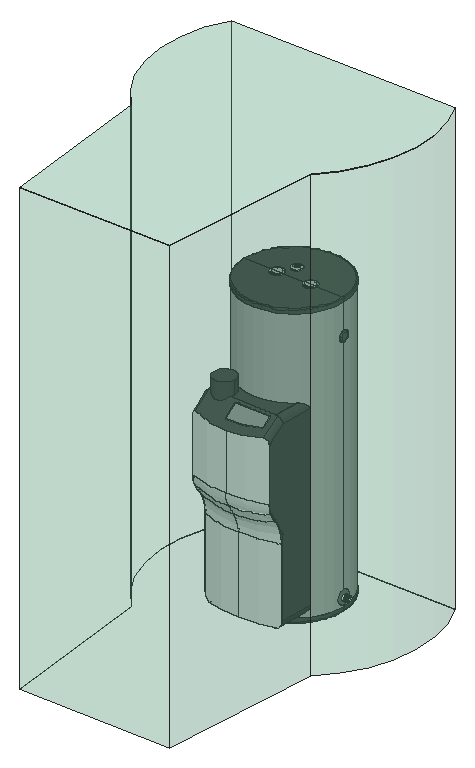
Revit family "Innovo NL_IR 24 245 NL LP", category Mechanical Equipment, Revit 2015
Parameters (values of type "IR-24-245 NL LP")
  Werkruimte Radius = Diameter + 170 mm  # 780 mm
  Werkruimte Hoogte = Hoogte + 1000 mm  # 2745 mm
  Werkruimte Afstand Voor = 1000 mm
  Werkruimte [instance] = yes
  Voorzorgsmaatregelen tijdens montage, installatie of onderhoud = "zie Gebruikers, Installatie, Service en Onderhouds handleiding"  # constant formula
  Voltage = 230 V  # constant formula
  Verpakkingslengte = 946 mm  # constant formula
  Verpakkingshoogte = 1895 mm
  Verpakkingsbreedte = 786 mm  # constant formula
  Uitsluitend werkend in daluren = no
  Type aanduiding = "IR-24-285"
  Transportgewicht = 153 kg
  Totaal Gewicht = 438 kg
  Stilstandsverlies - dagelijks (24u) = 0 W
  Stilstandsverlies = 0 W
  Standaard Afgesteld op = "G30/G31"
  Stand Regelthermostaat = 65 °C  # constant formula
  Soort Verpakking = "Karton en Hout"  # constant formula
  Slimme controlefunctie = no
  Setpoint thermostaat = 65 °C  # constant formula
  Seizoens Rendement (Hs) = [Rendement (Hs, vlgs. NEN-EN 89 - 1999)]  # 97
  Rendement (Hs, vlgs. NEN-EN 89 - 1999) = 97
  Rendement (Hi, vlgs. NEN-EN 89 - 1999) = 108
  Produktspecificaties Link = ""
  Produkthandleiding Link = ""
  Produkt Model Nummer (EAN-nummer) = "8717449283933"
  Onderhoudsinterval = "12 maanden"  # constant formula
  Nominale Belasting (Onderwaarde) = "25000.0/22000.0"
  Nominale Belasting (Bovenwaarde) = "27100.0/23900.0"
  Nominaal Vermogen = "26300.0/23300.0"
  NOx-uitstoot mg/kWh = "80.0/33.0"
  NOx-uitstoot (lucht vrij, 0% O2) ppm = "48.0/20.0"
  Min. Stand Regelthermostaat = 40 °C  # constant formula
  Max. Werkdruk = 800000.0 Pa
  Max. Stand Regelthermostaat = 85 °C  # constant formula
  Max. Rookgastemperatuur = 57 °C
  Ledig Gewicht = 136 kg
  Kraan Hoogte 02 = if(and(Hoogte = 1745 mm, Diameter = 675 mm), 1518 mm, if(and(Hoogte = 1745 mm, Diameter = 610 mm), 1534 mm, if(Hoogte = 1545 mm, 1328 mm, 1070 mm)))  # 1534 mm
  Kraan Hoogte 01 = if(and(Diameter > 560 mm), 693 mm, 604 mm)  # 693 mm
  Uitschakeldruk LDS < = 210.0 Pa
  URL = "www.aosmith.nl"
  Tapcapaciteit bij ΔT = 70°C  na 90 min. = 630.0 L
  Tapcapaciteit bij ΔT = 70°C  na 60 min. = 490.0 L
  Tapcapaciteit bij ΔT = 70°C  na 30 min. = 340.0 L
  Tapcapaciteit bij ΔT = 70°C  na 120 min. = 780.0 L
  Tapcapaciteit bij ΔT = 55°C  na 90 min. = 830.0 L
  Tapcapaciteit bij ΔT = 55°C  na 60 min. = 650.0 L
  Tapcapaciteit bij ΔT = 55°C  na 30 min. = 460.0 L
  Tapcapaciteit bij ΔT = 55°C  na 120 min. = 1100.0 L
  Tapcapaciteit bij ΔT = 50°C  na 90 min. = 920.0 L
  Tapcapaciteit bij ΔT = 50°C  na 60 min. = 720.0 L
  Tapcapaciteit bij ΔT = 50°C  na 30 min. = 510.0 L
  Tapcapaciteit bij ΔT = 50°C na 120 min. = 1200.0 L
  Tapcapaciteit bij ΔT = 44°C na 120 min. = 1100.0 L
  Tapcapaciteit bij ΔT = 44°C  na 90 min. = 820.0 L
  Tapcapaciteit bij ΔT = 44°C  na 60 min. = 590.0 L
  Tapcapaciteit bij ΔT = 44°C  na 30 min. = 1300.0 L
  Tapcapaciteit bij ΔT = 28°C na 90 min. = 1700.0 L
  Tapcapaciteit bij ΔT = 28°C na 60 min. = 1400.0 L
  Tapcapaciteit bij ΔT = 28°C na 30 min. = 960.0 L
  Tapcapaciteit bij ΔT = 28°C na 120 min. = 2100.0 L
  Tapcapaciteit Continu bij ΔT = 70°C = 290.0 L/s
  Tapcapaciteit Continu bij ΔT = 55°C = 370.0 L/s
  Tapcapaciteit Continu bij ΔT = 50°C = 410.0 L/s
  Tapcapaciteit Continu bij ΔT = 44°C = 460.0 L/s
  Tapcapaciteit Continu bij ΔT = 28°C = 740.0 L/s
  Opwarmtijd bij ΔT = 70°C = "49"
  Opwarmtijd bij ΔT = 55°C = "39"
  Opwarmtijd bij ΔT = 50°C = "35"
  Opwarmtijd bij ΔT = 44°C = "31"
  Opwarmtijd bij ΔT = 28°C = "20"
  Model = "IR-24-285 NL LP"
  Manufacturer = "A.O. Smith Water Products Company b.v."  # constant formula
  Length = 780 mm  # constant formula
  Jaarlijks elektriciteitsverbruik (2) = "-"
  Jaarlijks elektriciteitsverbruik (1) = "45 kWh"
  Jaarlijks brandstofverbruik (2) = "-"
  Jaarlijks brandstofverbruik (1) = "21 GJ GCV"
  Isolatiedikte = 44 mm
  Installatie Typen = "B23/C13/C33/C43/C53/C63"  # constant formula
  Inhoud = 285.0 L
  Hoogte Warm Water Uitlaat = 1745 mm
  Hoogte Rookgasafvoer = 1350 mm
  Hoogte Lucht Inlaat = 1350 mm
  Hoogte Koud Water Inlaat = 170 mm
  Hoogte Gas Aansluiting = 920 mm
  Hoogte = 1745 mm
  Handelsmerk = "A.O. Smith"  # constant formula
  Geluidsniveau dB (A) = "<45"  # constant formula
  Geluidsniveau binnen = "53 dB"
  Gasverbruik - Volume ltr/hr = "n.v.t."
  Gasverbruik - Massa kg/h = "2.00/1.70"
  Gascategorie = "II2EK3B/P"  # constant formula
  Gas Voordruk = 5000.0 Pa
  Gas Aansluiting = 15"  # constant formula
  Garrantie op Tank = "36 maanden"  # constant formula
  Garrantie op Onderdelen = "12 maanden"  # constant formula
  Frequentie = 50 Hz  # constant formula
  Fase = 1
  Fabrikantnummer = "E 7110"  # constant formula
  Energie-efficiëntieklasse voor waterverwarming (2) = "-"
  Energie-efficiëntieklasse voor waterverwarming (1) = "A"  # constant formula
  Energie-efficiëntie voor waterverwarming (2) = "-"
  Energie-efficiëntie voor waterverwarming (1) = "91%"
  Elektrisch Vermogen (piek) = 105 W
  Elektrisch Vermogen (nominaal) = 51 W
  Diameter Schoorsteen - parallel systeem = "2x80"  # constant formula
  Diameter Schoorsteen - concentrisch systeem = "80/125 mm/mm"  # constant formula
  Diameter Schoorsteen - boiler = "80/125 mm/mm"  # constant formula
  Diameter = 610 mm
  Description = "Condenserende Hoog Rendementsboiler"  # constant formula
  Created By = "http://www.cadcompany.nl/"
  Capaciteitsprofiel = "XXL"
  CO2-uitstoot (tol. +/- 1.0) vol% = "11.8/10.0"
  CE-PIN = "0063CQ3037"  # constant formula
  Breedte = Diameter  # 610 mm
  Bestemming / Land = "Nederland"  # constant formula
  BIM Content Developer = "CAD & Company"  # constant formula
  Assembly Code = "D3010"
  Ander capaciteitsprofiel = "-"
  Aansluiting Warm Water = 1"
  Aansluiting T&P = 1"
  Aansluiting Koud Water = 3/4"  # constant formula
  Aansluiting Condensafvoer = 40 mm  # constant formula
  Aansluiting Aftapkraan = 3/4"  # constant formula
  2e Onderhoud (algeheel onderhoud) = "12 maanden na installatie"  # constant formula
  1e Onderhoud (check-up) = "3 maanden na installatie"  # constant formula
Reference planes
  plane 1 "Center (Front/Back)": y = 0
  plane 2: z = 0
  plane 3 "Center (Left/Right)": x = 0
  plane 4 "Pipe": through (-383.901, 912.349, 194.799) normal (-0.0879, -0.0879, 0.9923)
  plane 5 "footing": y = 118.925
  plane 6 "footing front": y = -237.85
  plane 7: x = -305
  plane 8: x = 305
  plane 9: z = 1745
Forms (mm)
  Revolve 1, solid, material "RAL 9005", detail levels medium+fine
    sketch origin (0, -237.85, 0) x (-1, 0, 0) y (0, 0, 1)
      loop
        line (0, 28.9) -> (-15, 28.9) -> (-15, 26.4) -> (-8.671, 26.4) -> (-8.671, 18) -> (-5.686, 18) -> (-6.626, 17.06) -> (-6.626, 12.06) -> (-8.671, 12.06) -> (-8.671, 10) -> (-10.031, 10) -> (-23.271, 5.181)
        arc (-23.271, 5.181) -> (-23.763, 4.836) -> (-24.017, 4.293) r 1.159
        line (-24.017, 4.293) -> (-24.017, 1.03)
        arc (-24.017, 1.03) -> (-23.715, 0.302) -> (-22.986, 0) r 1.03
        line (-22.986, 0) -> (0, 0) -> (0, 28.9)
      axis (0, 28.9) -> (0, 0)
    angle from 0 to 360
  Revolve 2, solid, material "RAL 9005", detail levels medium+fine
    sketch origin (0, 118.925, 0) x (-1, 0, 0) y (0, 0, 1)
      loop
        line (-205.984, 28.9) -> (-220.984, 28.9) -> (-220.984, 26.4) -> (-214.655, 26.4) -> (-214.655, 18) -> (-211.67, 18) -> (-212.61, 17.06) -> (-212.61, 12.06) -> (-214.655, 12.06) -> (-214.655, 10) -> (-216.015, 10) -> (-229.256, 5.181)
        arc (-229.256, 5.181) -> (-229.747, 4.836) -> (-230.001, 4.293) r 1.159
        line (-230.001, 4.293) -> (-230.001, 1.03)
        arc (-230.001, 1.03) -> (-229.699, 0.302) -> (-228.971, 0) r 1.03
        line (-228.971, 0) -> (-205.984, 0) -> (-205.984, 28.9)
      axis (-205.984, 28.9) -> (-205.984, 0)
    angle from 0 to 360
  Revolve 3, solid, material "RAL 9005", detail levels medium+fine
    sketch origin (0, 118.925, 0) x (-1, 0, 0) y (0, 0, 1)
      loop
        line (204.016, 28.9) -> (189.016, 28.9) -> (189.016, 26.4) -> (195.345, 26.4) -> (195.345, 18) -> (198.33, 18) -> (197.39, 17.06) -> (197.39, 12.06) -> (195.345, 12.06) -> (195.345, 10) -> (193.985, 10) -> (180.744, 5.181)
        arc (180.744, 5.181) -> (180.253, 4.836) -> (179.999, 4.293) r 1.159
        line (179.999, 4.293) -> (179.999, 1.03)
        arc (179.999, 1.03) -> (180.301, 0.302) -> (181.029, 0) r 1.03
        line (181.029, 0) -> (204.016, 0) -> (204.016, 28.9)
      axis (204.016, 28.9) -> (204.016, 0)
    angle from 0 to 360
Lines and regions (mm)
  symbolic lines
    curve 1: line (0, 280.06, 0) -> (0, -280.06, 0)
    curve 2: line (-280.06, 0, 0) -> (280.06, 0, 0)
  symbolic lines, style "Workspace"
    curve 3: line (681.142, 380.06, 0) -> (-681.142, 380.06, 0)
    curve 4: arc (-681.142, 380.06, 0) -> (-777.325, -64.546, 0) -> (-609.127, -487.2, 0) r 780
    curve 5: line (-609.127, -487.2, 0) -> (-421.783, -1517.825, 0)
    curve 6: line (-421.783, -1517.825, 0) -> (424.03, -1517.825, 0)
    curve 7: line (424.03, -1517.825, 0) -> (611.027, -484.816, 0)
    curve 8: arc (611.027, -484.816, 0) -> (777.449, -63.027, 0) -> (681.142, 380.06, 0) r 780
Dimensions and locks
  plane 5 "footing" to plane 1 "Center (Front/Back)" = 118.925 mm
  plane 1 "Center (Front/Back)" to plane 6 "footing front" = 237.85 mm
  "Diameter": plane 7 to plane 8
  equal spacing: plane 7, plane 3 "Center (Left/Right)", plane 8
  "Hoogte": plane 9 to plane 2
  "Werkruimte Afstand Voor": curve 6 to nested 3
  "Werkruimte Radius": radius of curve 4
  "Werkruimte Radius": radius of curve 8
  aligned and locked: level to plane 2
  aligned and locked: nested 3 to Revolve 1 sketch curve
  aligned and locked: plane 3 "Center (Left/Right)" to Revolve 1 sketch curve
  aligned and locked: nested 3 to plane 1 "Center (Front/Back)"
  aligned and locked: plane 3 "Center (Left/Right)" to nested 3
  aligned and locked: nested 1 to plane 8
  aligned and locked: nested 5 to plane 8
  aligned and locked: nested 2 to plane 7
  aligned and locked: nested 4 to plane 7
  aligned and locked: nested 7 to plane 7
  aligned and locked: nested 8 to plane 3 "Center (Left/Right)"
  aligned and locked: curve 3 to nested 8
  aligned and locked: nested 8 to nested 3
Automatic sketch dimensions
  Revolve 1 sketch curve to level = 0 mm
  plane 3 "Center (Left/Right)" to Revolve 1 sketch curve = 5.686 mm
  Revolve 1 sketch curve to Revolve 1 sketch curve = 0.94 mm  (x2)
  Revolve 1 sketch curve to Revolve 1 sketch curve = 2.046 mm  (x2)
  Revolve 1 sketch curve to Revolve 1 sketch curve = 1.359 mm
  Revolve 1 sketch curve to Revolve 1 sketch curve = 6.329 mm
  level to Revolve 1 sketch curve = 4.091 mm
  Revolve 1 sketch curve to Revolve 1 sketch curve = 12.844 mm
  level to Revolve 1 sketch curve = 1.03 mm
  Revolve 1 sketch curve to Revolve 1 sketch curve = 0.111 mm
  level to Revolve 1 sketch curve = 5.181 mm
  Revolve 1 sketch curve to Revolve 1 sketch curve = 0.745 mm
  level to Revolve 1 sketch curve = 10 mm
  Revolve 1 sketch curve to Revolve 1 sketch curve = 2.06 mm
  Revolve 1 sketch curve to Revolve 1 sketch curve = 5 mm
  Revolve 1 sketch curve to Revolve 1 sketch curve = 8.4 mm
  Revolve 1 sketch curve to Revolve 1 sketch curve = 2.5 mm
  Revolve 1 sketch curve to level = 19.635 mm
  Revolve 1 sketch curve to Revolve 1 sketch curve = 46.465 mm
  Revolve 2 sketch curve to level = 0 mm
  level to Revolve 2 sketch curve = 1.03 mm
  Revolve 2 sketch curve to plane 8 = 74.999 mm
  level to Revolve 2 sketch curve = 5.181 mm
  Revolve 2 sketch curve to Revolve 2 sketch curve = 0.745 mm
  Revolve 2 sketch curve to Revolve 2 sketch curve = 0.397 mm
  Revolve 2 sketch curve to Revolve 2 sketch curve = 8.271 mm
  Revolve 2 sketch curve to Revolve 2 sketch curve = 13.241 mm
  Revolve 2 sketch curve to Revolve 2 sketch curve = 1.359 mm
  Revolve 2 sketch curve to Revolve 2 sketch curve = 6.329 mm
  Revolve 2 sketch curve to Revolve 2 sketch curve = 2.046 mm
  level to Revolve 2 sketch curve = 18 mm
  Revolve 2 sketch curve to Revolve 2 sketch curve = 0.94 mm  (x2)
  Revolve 2 sketch curve to Revolve 2 sketch curve = 8.671 mm
  Revolve 2 sketch curve to Revolve 2 sketch curve = 1.089 mm
  Revolve 2 sketch curve to Revolve 2 sketch curve = 8 mm
  Revolve 2 sketch curve to Revolve 2 sketch curve = 2.06 mm
  Revolve 2 sketch curve to Revolve 2 sketch curve = 8.4 mm
  Revolve 2 sketch curve to Revolve 2 sketch curve = 2.5 mm
  Revolve 2 sketch curve to Revolve 2 sketch curve = 0 mm
  Revolve 2 sketch curve to level = 19.635 mm
  Revolve 2 sketch curve to Revolve 2 sketch curve = 46.465 mm
  Revolve 3 sketch curve to level = 0 mm
  level to Revolve 3 sketch curve = 1.03 mm
  Revolve 3 sketch curve to plane 7 = 125.001 mm
  level to Revolve 3 sketch curve = 5.181 mm
  Revolve 3 sketch curve to Revolve 3 sketch curve = 0.745 mm
  Revolve 3 sketch curve to Revolve 3 sketch curve = 0.397 mm
  Revolve 3 sketch curve to Revolve 3 sketch curve = 8.271 mm
  Revolve 3 sketch curve to Revolve 3 sketch curve = 13.241 mm
  Revolve 3 sketch curve to Revolve 3 sketch curve = 1.359 mm
  Revolve 3 sketch curve to Revolve 3 sketch curve = 6.329 mm
  Revolve 3 sketch curve to Revolve 3 sketch curve = 2.046 mm
  level to Revolve 3 sketch curve = 18 mm
  Revolve 3 sketch curve to Revolve 3 sketch curve = 0.94 mm  (x2)
  Revolve 3 sketch curve to Revolve 3 sketch curve = 8.671 mm
  Revolve 3 sketch curve to Revolve 3 sketch curve = 1.089 mm
  Revolve 3 sketch curve to Revolve 3 sketch curve = 8 mm
  Revolve 3 sketch curve to Revolve 3 sketch curve = 2.06 mm
  Revolve 3 sketch curve to Revolve 3 sketch curve = 8.4 mm
  Revolve 3 sketch curve to Revolve 3 sketch curve = 2.5 mm
  Revolve 3 sketch curve to Revolve 3 sketch curve = 0 mm
  Revolve 3 sketch curve to level = 19.635 mm
  Revolve 3 sketch curve to Revolve 3 sketch curve = 46.465 mm
  curve 4 to curve 8 = 0 mm  (x2)
  plane 1 "Center (Front/Back)" to curve 2 = 0 mm
  curve 1 to plane 3 "Center (Left/Right)" = 0 mm
  plane 1 "Center (Front/Back)" to curve 4 = 0 mm
  curve 4 to plane 3 "Center (Left/Right)" = 0 mm
  curve 5 to plane 6 "footing front" = 249.35 mm
  plane 7 to curve 5 = 116.783 mm
  plane 8 to curve 7 = 119.03 mm
  curve 7 to plane 6 "footing front" = 246.966 mm
  curve 2 to plane 7 = 24.94 mm
  curve 2 to plane 8 = 24.94 mm
  curve 1 to plane 6 "footing front" = 42.21 mm
  plane 5 "footing" to curve 1 = 161.135 mm
Nested families
  nested 1: "Valve" at (305, -0.38, 1534) x (0, 1, 0) z (0, 0, 1), built-in parameter 1001364 <- "Kraan Hoogte 02", type "Valve"
  nested 2: "Drain Valve" at (-305, 0, 1534), built-in parameter 1001364 <- "Kraan Hoogte 02", type "Drain Valve"
  nested 3: "Housing Mother Housing S 57 (external)" at (0, -299.886, 0), type "Housing Mother_Housing S_57"
    with radius 305 mm, distance to boiler center 154 mm, diameter 610 mm
  nested 4: "Drain Valve" at (-305, 0, 177), type "Drain Valve"
  nested 5: "Drain Valve" at (305, 0, 107) x (-1, 0, 0) z (0, 0, 1), type "Drain Valve"
  nested 6: "Boiler" at (0, 0, 0), height <- "Hoogte", type "Boiler"
    with height 1745 mm, radius 305 mm, Diameter 610 mm
  nested 7: "Drain Valve" at (-305, 0, 693), built-in parameter 1001364 <- "Kraan Hoogte 01", type "Drain Valve"
  nested 8: "Innovo_workspace" at (0, 0, 0), Workspace <- "Werkruimte", Workspace Distance Front <- "Werkruimte Afstand Voor", Workspace Height <- "Werkruimte Hoogte", Workspace Radius <- "Werkruimte Radius", type "Workspace"
    with Workspace Radius 780 mm, Workspace Height 2745 mm, Workspace Distance Front 1000 mm, Workspace yes, Center to Front 517.825 mm
Connectors
  piping at (339.826, 0, 107), diameter 19.05, driven by "Aansluiting Aftapkraan"
    settings: on nested 5, index 1, connector inside diameter 24", connector length 0 mm, flow factor 0, pipe flow 0.0 L/s, pressure drop 0.0 Pa, fitting loss kfactor 0, connector angle 0.00°, fixture units 0, engagement length 0 mm, angle of deflection 0.00°, flow configuration 0, flow direction 0, fitting loss method 0, system type 19, joint type 0, gender type 0, connector reference index -1, connector utility 0, adjustable connector no, is connector primary yes, connector description ""
  hvac at (-147.013, -346.326, 1310.674)
    settings: on nested 3, index 2, duct flow 0.0 L/s, flow factor 0, pres drop 0.0 Pa, loss coef 0, conn angle 0.00°, conn width 304.8 mm, conn height 304.8 mm, conn diameter 125 mm, duct sys type 4, conn prof type 0, flow config 0, flow direction 0, loss method 0, conn ref index -1, conn util no, is conn primary yes, conn desc ""
Definition of nested family "Valve"
  Parameters (values of type "Valve")
    Type Comments = "T&P valve (internal)"
    Manufacturer = "A.O. Smith"
  Reference planes
    plane 1 "Center (Front/Back)": y = 0
    plane 2: z = 0
    plane 3 "Center (Left/Right)": x = 0
  Forms (mm)
    Extrusion 1, solid, detail levels fine
      sketch origin (0, 0, 0) x (1, 0, 0) y (0, 0, 1)
        loop
          circle (0, 0) r 31.5
      from -2.271 to 1.4
    Sweep 2, solid, detail levels fine
      path origin (0, -1.4, 0) x (1, 0, 0) y (0, 0, 1)
        loop
          circle (0, 0) r 31.5
      profile origin (0, -1.4, 31.5) x (0, 0, -1) y (0, -1, 0)
        loop
          line (7.3, 0) -> (7.3, 3) -> (0, 0) -> (7.3, 0)
  Dimensions and locks
    aligned and locked: level to plane 2
Definition of nested family "Drain Valve"
  Reference planes
    plane 1 "Center (Front/Back)": y = 0
    plane 2: z = 0
    plane 3 "Center (Left/Right)": x = 0
  Forms (mm)
    Revolve 1, solid, detail levels medium+fine
      sketch origin (0, 0, 0) x (1, 0, 0) y (0, 0, 1)
        loop
          line (-33.442, 15.696) -> (-34.826, 14.329) -> (-34.93, 12.731) -> (-16.555, 12.731) -> (-16.555, 0) -> (15.787, 0) -> (15.787, 18.3) -> (-14.4, 18.3) -> (-17.148, 15.533) -> (-18.729, 16.697) -> (-20.091, 15.333) -> (-21.672, 16.496) -> (-23.034, 15.133) -> (-24.614, 16.296) -> (-25.976, 14.932) -> (-27.557, 16.096) -> (-28.919, 14.732) -> (-30.5, 15.896) -> (-31.862, 14.532) -> (-33.442, 15.696)
        axis (-34.93, 0) -> (15.787, 0)
      angle from 0 to 360
  Dimensions and locks
    aligned and locked: level to plane 2
  Nested families
    nested 1: "Rubber sealing" at (2.592, -0.155, 0) x (0.0023, -1, 0) z (0, 0, 1), type "Rubber sealing", detail levels fine
  Definition of nested family "Rubber sealing"
    Reference planes
      plane 1 "Center (Front/Back)": y = 0
      plane 2: z = 0
      plane 3 "Center (Left/Right)": x = 0
    Forms (mm)
      Extrusion 1, solid, detail levels fine
        sketch origin (141.861, 319.581, 0) x (1, 0, 0) y (0, 1, 0)
          loop
            line (-216.354, -311.898) -> (-216.354, -313.94)
            arc (-216.354, -313.94) -> (-141.602, -321.581) -> (-66.861, -313.835) r 366.966
            line (-66.861, -313.835) -> (-66.861, -311.791)
            arc (-66.861, -311.791) -> (-141.602, -319.581) -> (-216.354, -311.898) r 364.966
        from -80 to 80
      Extrusion 2, void
        sketch origin (141.861, 319.581, 0) x (1, 0, 0) y (0, 0, 1)
          loop
            circle (-141.861, 0) r 13
          loop
            circle (-141.861, 0) r 110
          loop
            circle (-141.861, 0) r 40
        from 311.563 to 332.684
      Extrusion 3, void
        sketch origin (141.861, 319.581, 0) x (1, 0, 0) y (0, 0, 1)
          loop
            circle (-141.861, 0) r 18.25
        from 315.524 to 326.084
    Cuts and joins
      Extrusion 2, Extrusion 3 cuts Extrusion 1
    Dimensions and locks
      aligned and locked: level to plane 2
Definition of nested family "Housing Mother Housing S 57 (external)"
  Parameters (values of type "Housing Mother_Housing S_57")
    radius [instance] = 280 mm
    distance to boiler center = if(diameter = 675 mm, 189 mm, if(diameter = 610 mm, 154 mm, 129 mm))  # 129 mm
    diameter = 560 mm
  Reference planes
    plane 1 "Center (Front/Back)": y = 0
    plane 2: z = 0
    plane 3 "Center (Left/Right)": x = 0
    plane 4 "left": through (-245.286, 145.886, 1200) normal (0.9994, 0.0349, 0)
    plane 5: y = -217.939
    plane 6: y = 145.886
    plane 7: z = 1232.6
    plane 8: z = 65.89
    plane 9 "right": through (245.286, 145.886, 1200) normal (0.9994, -0.0349, 0)
    plane 10 "display": through (0, -90.37, 1221.196) normal (0, -0.5736, 0.8192)
    plane 11 "Potentiostat": z = 867.899
    plane 12 "boiler center": y = 274.886
    plane 13: x = -280
    plane 14: x = 280
  Forms (mm)
    Extrusion 1, solid
      sketch origin (0, 0, 0) x (1, 0, 0) y (0, 1, 0)
        loop
          line (-245.286, 145.886) -> (-232.581, -217.939) -> (232.581, -217.939) -> (245.286, 145.886)
          arc (245.286, 145.886) -> (0, 0.923) -> (-245.286, 145.886) r 280
      from 0 to 1232.6
    Sweep 2, void
      path origin (0, 0, 0) x (0, 1, 0) y (0, 0, 1)
        loop
          line (-217.939, 1232.6) -> (-217.939, 795.555)
          arc (-217.939, 795.555) -> (-212.387, 754.285) -> (-197.694, 715.322) r 183.924
          arc (-197.694, 715.322) -> (-179.915, 684.628) -> (-159.106, 655.901) r 348.284
          arc (-159.106, 655.901) -> (-131.411, 600.328) -> (-121.88, 538.973) r 202.254
          line (-121.88, 538.973) -> (-121.88, 61.106)
      profile origin (0, -217.939, 1014.077) x (1, 0, 0) y (0, 1, 0)
        loop
          arc (0, 0) -> (-117.533, 9.941) -> (-231.728, 39.475) r 699.984
          arc (-231.728, 39.475) -> (-233.391, 40.705) -> (-234.07, 42.659) r 3.505
          line (-234.07, 42.659) -> (-254.062, 42.659) -> (-254.062, -142.593) -> (254.07, -142.593) -> (254.07, 42.659) -> (234.07, 42.659)
          arc (234.07, 42.659) -> (233.391, 40.705) -> (231.728, 39.475) r 3.505
          arc (231.728, 39.475) -> (117.533, 9.941) -> (0, 0) r 699.984
    Extrusion 3, void
      sketch origin (0, 0, 0) x (0, 1, 0) y (0, 0, 1)
        loop
          arc (102.864, 70.869) -> (99.804, 70.709) -> (96.874, 69.813) r 12.57
          arc (96.874, 69.813) -> (87.878, 66.533) -> (78.516, 64.529) r 69.114
          arc (78.516, 64.529) -> (76.41, 64.284) -> (74.294, 64.148) r 41.206
          arc (74.294, 64.148) -> (65.203, 64.335) -> (56.122, 64.782) r 318.661
          arc (56.122, 64.782) -> (30.585, 66.179) -> (5.028, 67.128) r 1456.581
          line (5.028, 67.128) -> (-84.534, 73.135)
          arc (-84.534, 73.135) -> (-86.363, 73.808) -> (-87.536, 75.365) r 3.455
          line (-87.536, 75.365) -> (-264.473, 75.365) -> (-264.473, 0) -> (160.886, 0) -> (160.886, 103.945) -> (145.886, 103.945)
          arc (145.886, 103.945) -> (145.104, 97.827) -> (142.923, 92.059) r 26.364
          arc (142.923, 92.059) -> (141.067, 88.936) -> (138.867, 86.045) r 31.715
          arc (138.867, 86.045) -> (135.576, 82.49) -> (132.021, 79.2) r 62.615
          arc (132.021, 79.2) -> (125.841, 74.697) -> (119.091, 71.103) r 54.444
          arc (119.091, 71.103) -> (116.371, 70.272) -> (113.531, 70.123) r 11.669
          line (113.531, 70.123) -> (102.864, 70.869)
      from -254.062 to 254.07
    Sweep 4, void
      path origin (0, 0, 0) x (1, 0, 0) y (0, 1, 0)
        loop
          line (-245.286, 145.886) -> (-232.581, -217.939)
      profile origin (-238.933, -36.027, 0) x (0.999391, 0.034899, 0) y (0, 0, 1)
        loop
          line (-4.454, 0) -> (47.084, 0) -> (47.084, 73.431)
          arc (47.084, 73.431) -> (14.222, 85.134) -> (0.255, 117.1) r 43.922
          line (0.255, 117.1) -> (-4.454, 117.1) -> (-4.454, 0)
    Sweep 5, void
      path origin (0, 0, 0) x (-1, 0, 0) y (0, 1, 0)
        loop
          line (-245.286, 145.886) -> (-232.581, -217.939)
      profile origin (238.933, -36.027, 0) x (0.999391, -0.034899, 0) y (0, 0, 1)
        loop
          line (4.454, 0) -> (4.454, 117.1) -> (-0.255, 117.1)
          arc (-0.255, 117.1) -> (-14.222, 85.134) -> (-47.084, 73.431) r 43.922
          line (-47.084, 73.431) -> (-47.084, 0) -> (4.454, 0)
    Sweep 6, void
      path origin (-239.899, -8.377, 0) x (-0.034899, 0.999391, 0) y (0, 0, 1)
        loop
          line (-209.69, 1141.272) -> (-79.18, 1232.6) -> (154.358, 1232.6)
      profile origin (-241.211, 29.188, 1232.6) x (0, 0, 1) y (0.999391, 0.034899, 0)
        loop
          line (-45, -30) -> (75, -30) -> (75, 0) -> (75, 55) -> (2.799, 55) -> (-1.253, 35.128)
          arc (-1.253, 35.128) -> (-16.771, 9.564) -> (-45, -0.308) r 44.287
          line (-45, -0.308) -> (-45, -30)
    Sweep 7, void
      path origin (239.899, -8.377, 0) x (0.034899, 0.999391, 0) y (0, 0, 1)
        loop
          line (-209.69, 1141.272) -> (-79.18, 1232.6) -> (154.358, 1232.6)
      profile origin (241.211, 29.188, 1232.6) x (0, 0, -1) y (-0.999391, 0.034899, 0)
        loop
          line (-75, -25) -> (45, -25) -> (45, -0.308)
          arc (45, -0.308) -> (16.771, 9.564) -> (1.253, 35.128) r 44.287
          line (1.253, 35.128) -> (-2.799, 55) -> (-75, 55) -> (-75, -25)
    Extrusion 8, void
      sketch origin (0, 0, 0) x (0, 1, 0) y (0, 0, 1)
        loop
          line (-270, 1336.099) -> (-270, 1099.081) -> (68.497, 1336.099) -> (-270, 1336.099)
      from -425.038 to 444.42
    Extrusion 9, solid, detail levels medium+fine
      sketch origin (0, 0, 0) x (1, 0, 0) y (0, 1, 0)
        loop
          circle (-147.013, -46.44) r 65
      from 1163.174 to 1310.674
    Extrusion 10, void
      sketch origin (0, -603.506, 861.895) x (0, 0.819152, 0.573576) y (-1, 0, 0)
        loop
          arc (618.322, -173) -> (623.272, -170.95) -> (625.322, -166) r 7
          line (625.322, -166) -> (625.322, 35)
          arc (625.322, 35) -> (623.272, 39.95) -> (618.322, 42) r 7
          line (618.322, 42) -> (535.473, 42)
          arc (535.473, 42) -> (530.688, 40.11) -> (528.488, 35.46) r 7
          arc (528.488, 35.46) -> (531.569, -67.592) -> (554.18, -168.18) r 540
          arc (554.18, -168.18) -> (556.724, -171.668) -> (560.831, -173) r 7
          line (560.831, -173) -> (618.322, -173)
      from 0 to 137.286
    Sweep 11, solid, detail levels fine
      path origin (0, 0, 867.899) x (-1, 0, 0) y (0, -1, 0)
        loop
          line (309.749, -35.617) -> (204.371, -35.617)
          arc (204.371, -35.617) -> (196.509, -34.687) -> (189.082, -31.947) r 33.677
          line (189.082, -31.947) -> (-9.574, 69.274)
      profile origin (-257.06, 35.617, 867.899) x (0, 1, 0) y (0, 0, 1)
        loop
          circle (0, 0) r 7.316
        loop
          circle (0, 0) r 6.465
    Revolve 12, void
      sketch origin (0, 274.886, 0) x (-1, 0, 0) y (0, 0, 1)
        loop
          line (280, 1243.838) -> (0, 1243.838) -> (0, 54.9) -> (280, 54.9) -> (280, 1243.838)
        axis (0, 1243.838) -> (0, 54.9)
      angle from 0 to 360
  Cuts and joins
    Sweep 2, Extrusion 3, Sweep 4, Sweep 5, Sweep 6, Sweep 7, Extrusion 8, Extrusion 10, Revolve 12 cuts Extrusion 1
  Dimensions and locks
    plane 8 to plane 2 = 65.89 mm
    plane 7 to plane 8 = 1166.71 mm
    "distance to boiler center": plane 12 "boiler center" to plane 6
    "diameter": plane 14 to plane 13
    equal spacing: plane 14, plane 3 "Center (Left/Right)", plane 13
    "radius": plane 3 "Center (Left/Right)" to plane 13
    aligned and locked: level to plane 2
    aligned and locked: Extrusion 1 to plane 7
    aligned and locked: Extrusion 1 sketch curve to plane 5
    aligned and locked: Sweep 2 to Extrusion 3
    aligned and locked: Extrusion 3 to Sweep 2  (x2)
    aligned and locked: plane 7 to Sweep 2 sketch curve
    aligned and locked: plane 3 "Center (Left/Right)" to Revolve 12 sketch curve
    aligned and locked: Revolve 12 sketch curve to plane 3 "Center (Left/Right)"
    aligned and locked: plane 13 to Revolve 12 sketch curve
  Automatic sketch dimensions
    Extrusion 1 sketch curve to plane 4 "left" = 0 mm  (x2)
    Extrusion 1 sketch curve to plane 6 = 0 mm  (x2)
    Extrusion 1 sketch curve to plane 3 "Center (Left/Right)" = 0 mm
    Extrusion 1 sketch curve to plane 9 "right" = 0 mm
    plane 6 to Extrusion 1 sketch curve = 135.037 mm
    Sweep 2 sketch curve to plane 5 = 0 mm
    plane 5 to Sweep 2 sketch curve = 106.195 mm
    Sweep 2 sketch curve to plane 5 = 96.059 mm
    plane 1 "Center (Front/Back)" to Sweep 2 sketch curve = 34.053 mm
    plane 11 "Potentiostat" to Sweep 2 sketch curve = 6.417 mm
    Sweep 2 sketch curve to plane 6 = 33.705 mm
    Sweep 2 sketch curve to plane 11 "Potentiostat" = 68.615 mm
    Sweep 2 sketch curve to plane 11 "Potentiostat" = 72.345 mm
    Sweep 2 sketch curve to Sweep 2 sketch curve = 176.349 mm
    Sweep 2 sketch curve to Sweep 2 sketch curve = 0 mm  (x2)
    plane 8 to Sweep 2 sketch curve = 4.784 mm
    Extrusion 3 sketch curve to level = 0 mm
    Extrusion 3 sketch curve to plane 6 = 0 mm
    Extrusion 3 sketch curve to plane 6 = 26.363 mm
    Extrusion 3 sketch curve to Extrusion 3 sketch curve = 4.75 mm
    Extrusion 3 sketch curve to Extrusion 3 sketch curve = 5.179 mm
    Extrusion 3 sketch curve to plane 8 = 4.232 mm
    Extrusion 3 sketch curve to Extrusion 3 sketch curve = 0.814 mm
    Extrusion 3 sketch curve to plane 8 = 4.978 mm
    Extrusion 3 sketch curve to Extrusion 3 sketch curve = 10.667 mm
    Extrusion 3 sketch curve to Extrusion 3 sketch curve = 0.877 mm
    Extrusion 3 sketch curve to Extrusion 3 sketch curve = 17.827 mm
    Extrusion 3 sketch curve to Extrusion 3 sketch curve = 5.646 mm
    Extrusion 3 sketch curve to plane 6 = 69.562 mm
    Extrusion 3 sketch curve to Extrusion 3 sketch curve = 18.6 mm
    Extrusion 3 sketch curve to Extrusion 3 sketch curve = 22.538 mm
    Extrusion 3 sketch curve to plane 8 = 1.238 mm
    Extrusion 3 sketch curve to plane 1 "Center (Front/Back)" = 5.028 mm
    plane 1 "Center (Front/Back)" to Extrusion 3 sketch curve = 36.224 mm
    Extrusion 3 sketch curve to plane 8 = 10.692 mm
    plane 1 "Center (Front/Back)" to Extrusion 3 sketch curve = 84.302 mm
    Extrusion 3 sketch curve to plane 8 = 7.244 mm
    Extrusion 3 sketch curve to Extrusion 3 sketch curve = 0.231 mm
    Extrusion 3 sketch curve to Extrusion 3 sketch curve = 3.234 mm
    plane 5 to Extrusion 3 sketch curve = 46.534 mm
    plane 6 to Extrusion 3 sketch curve = 15 mm
    Extrusion 3 sketch curve to level = 1388.869 mm
    plane 8 to Extrusion 3 sketch curve = 7.561 mm
    Extrusion 3 sketch curve to Extrusion 3 sketch curve = 11.64 mm
    Extrusion 3 sketch curve to plane 8 = 38.054 mm
    Extrusion 3 sketch curve to Extrusion 3 sketch curve = 22.442 mm
    Extrusion 3 sketch curve to plane 8 = 39.432 mm
    Extrusion 3 sketch curve to Extrusion 3 sketch curve = 2.466 mm
    Extrusion 3 sketch curve to Extrusion 3 sketch curve = 14.17 mm
    Extrusion 3 sketch curve to Extrusion 3 sketch curve = 5.925 mm
    Extrusion 3 sketch curve to Extrusion 3 sketch curve = 6.186 mm
    Extrusion 3 sketch curve to Extrusion 3 sketch curve = 249.85 mm
    Extrusion 3 sketch curve to Extrusion 3 sketch curve = 0 mm  (x4)
    Extrusion 3 sketch curve to Extrusion 3 sketch curve = 6.845 mm
    plane 8 to Extrusion 3 sketch curve = 1.743 mm
    Sweep 4 sketch curve to plane 4 "left" = 0 mm  (x2)
    Sweep 4 sketch curve to plane 6 = 0 mm
    plane 5 to Sweep 4 sketch curve = 0 mm
    Sweep 4 sketch curve to level = 0 mm
    profile plane to Sweep 4 sketch curve = 4.454 mm
    Sweep 4 sketch curve to profile plane = 0.255 mm
    Sweep 4 sketch curve to Sweep 4 sketch curve = 43.922 mm
    Sweep 4 sketch curve to profile plane = 47.084 mm
    level to Sweep 4 sketch curve = 73.431 mm
    Sweep 4 sketch curve to Sweep 4 sketch curve = 43.669 mm
    Sweep 5 sketch curve to plane 6 = 0 mm
    Sweep 5 sketch curve to plane 9 "right" = 0 mm  (x2)
    plane 5 to Sweep 5 sketch curve = 0 mm
    Sweep 5 sketch curve to level = 0 mm
    profile plane to Sweep 5 sketch curve = 47.084 mm
    Sweep 5 sketch curve to Sweep 5 sketch curve = 2.907 mm
    profile plane to Sweep 5 sketch curve = 0.255 mm
    Sweep 5 sketch curve to profile plane = 4.454 mm
    level to Sweep 5 sketch curve = 73.431 mm
    Sweep 5 sketch curve to Sweep 5 sketch curve = 43.669 mm
    Sweep 6 sketch curve to plane 7 = 0 mm
    plane 7 to Sweep 6 sketch curve = 91.328 mm
    Sweep 6 sketch curve to Sweep 6 sketch curve = 130.509 mm
    Sweep 6 sketch curve to Sweep 6 sketch curve = 233.538 mm
    Sweep 6 sketch curve to plane 4 "left" = 0 mm
    profile plane to Sweep 6 sketch curve = 45 mm
    Sweep 6 sketch curve to Sweep 6 sketch curve = 0.354 mm
    profile plane to Sweep 6 sketch curve = 1.253 mm
    Sweep 6 sketch curve to profile plane = 2.799 mm
    Sweep 6 sketch curve to Sweep 6 sketch curve = 72.201 mm
    Sweep 6 sketch curve to plane 4 "left" = 0.308 mm
    Sweep 6 sketch curve to Sweep 6 sketch curve = 29.692 mm
    plane 4 "left" to Sweep 6 sketch curve = 35.128 mm
    plane 4 "left" to Sweep 6 sketch curve = 55 mm
    Sweep 7 sketch curve to plane 7 = 0 mm
    Sweep 7 sketch curve to plane 7 = 91.328 mm
    Sweep 7 sketch curve to Sweep 7 sketch curve = 130.509 mm
    Sweep 7 sketch curve to Sweep 7 sketch curve = 233.538 mm
    Sweep 7 sketch curve to plane 9 "right" = 25 mm
    profile plane to Sweep 7 sketch curve = 75 mm
    profile plane to Sweep 7 sketch curve = 2.799 mm
    Sweep 7 sketch curve to profile plane = 1.253 mm
    Sweep 7 sketch curve to Sweep 7 sketch curve = 43.393 mm
    Sweep 7 sketch curve to profile plane = 45 mm
    Sweep 7 sketch curve to plane 9 "right" = 0.308 mm
    plane 9 "right" to Sweep 7 sketch curve = 35.128 mm
    Sweep 7 sketch curve to Sweep 7 sketch curve = 19.872 mm
    plane 5 to Extrusion 8 sketch curve = 52.061 mm
    Extrusion 8 sketch curve to plane 1 "Center (Front/Back)" = 68.497 mm
    plane 7 to Extrusion 8 sketch curve = 133.519 mm
    Extrusion 8 sketch curve to plane 7 = 103.499 mm
    plane 1 "Center (Front/Back)" to Extrusion 9 sketch curve = 46.44 mm
    Extrusion 9 sketch curve to plane 3 "Center (Left/Right)" = 147.013 mm
    Extrusion 10 sketch curve to plane 3 "Center (Left/Right)" = 0 mm
    Extrusion 10 sketch curve to plane 3 "Center (Left/Right)" = 35 mm
    Extrusion 10 sketch curve to Extrusion 10 sketch curve = 25.359 mm
    Extrusion 10 sketch curve to Extrusion 10 sketch curve = 57.491 mm
    Extrusion 10 sketch curve to plane 3 "Center (Left/Right)" = 42 mm
    Extrusion 10 sketch curve to Extrusion 10 sketch curve = 82.85 mm
    Extrusion 10 sketch curve to Extrusion 10 sketch curve = 7 mm
    Extrusion 10 sketch curve to Extrusion 10 sketch curve = 442 mm
    plane 3 "Center (Left/Right)" to Extrusion 10 sketch curve = 166 mm
    Extrusion 10 sketch curve to Extrusion 10 sketch curve = 0 mm  (x2)
    Sweep 11 sketch curve to plane 1 "Center (Front/Back)" = 31.947 mm
    Sweep 11 sketch curve to plane 3 "Center (Left/Right)" = 189.082 mm
    Sweep 11 sketch curve to plane 1 "Center (Front/Back)" = 1.94 mm
    Sweep 11 sketch curve to Sweep 11 sketch curve = 15.289 mm
    plane 3 "Center (Left/Right)" to Sweep 11 sketch curve = 9.574 mm
    Sweep 11 sketch curve to Sweep 11 sketch curve = 105.378 mm
    plane 1 "Center (Front/Back)" to Sweep 11 sketch curve = 69.274 mm
    Sweep 11 sketch curve to Sweep 11 sketch curve = 0 mm  (x2)
    Sweep 11 sketch curve to plane 11 "Potentiostat" = 0 mm
    Sweep 11 sketch curve to profile plane = 0 mm
    plane 8 to Revolve 12 sketch curve = 10.99 mm
    Revolve 12 sketch curve to plane 7 = 11.238 mm
    Revolve 12 sketch curve to level = 366.045 mm
    Revolve 12 sketch curve to Revolve 12 sketch curve = 971.917 mm
    Sweep 2 sketch curve to plane 3 "Center (Left/Right)" = 0 mm
    profile plane to Sweep 2 sketch curve = 0 mm
    Sweep 2 sketch curve to plane 3 "Center (Left/Right)" = 0.016 mm
    Sweep 2 sketch curve to profile plane = 42.782 mm  (x2)
    Sweep 2 sketch curve to plane 3 "Center (Left/Right)" = 230.568 mm
    plane 3 "Center (Left/Right)" to Sweep 2 sketch curve = 0.016 mm
    plane 3 "Center (Left/Right)" to Sweep 2 sketch curve = 230.568 mm
    Sweep 2 sketch curve to Sweep 2 sketch curve = 3.502 mm  (x2)
    Sweep 2 sketch curve to Sweep 2 sketch curve = 20 mm
    profile plane to Sweep 2 sketch curve = 142.593 mm
    Sweep 2 sketch curve to Sweep 2 sketch curve = 0.122 mm  (x2)
    Sweep 2 sketch curve to Sweep 2 sketch curve = 657.203 mm
    Sweep 2 sketch curve to Sweep 2 sketch curve = 19.991 mm
    radius of Extrusion 9 sketch curve = 65 mm
    radius of Sweep 11 sketch curve = 7.316 mm
    radius of Sweep 11 sketch curve = 6.465 mm
  Nested families
    nested 1: "display" at (65.5, -130.939, 1192.79) x (-1, 0, 0) z (0, -0.5736, 0.8192), type "display"
  Definition of nested family "display"
    Parameters (values of type "display")
      Default Elevation = 1219.2 mm
    Reference planes
      plane 1 "Center (Front/Back)": y = 0
      plane 2: z = 0
      plane 3 "Center (Left/Right)": x = 0
    Forms (mm)
      Extrusion 1, solid, detail levels medium+fine
        sketch origin (-16.958, 11.842, -343.878) x (1, 0, 0) y (0, 0, -1)
          loop
            line (-233.523, -343.878) -> (-233.523, -346.592) -> (332.686, -346.592) -> (332.686, -343.878) -> (-233.523, -343.878)
        from -228.7 to 150.822
      Extrusion 2, void
        sketch origin (-16.958, 6.842, -343.878) x (1, 0, 0) y (0, 1, 0)
          loop
            line (-233.523, 155.822) -> (-233.523, -223.7) -> (332.686, -223.7) -> (332.686, 155.822) -> (-233.523, 155.822)
          loop
            arc (-90.542, -48.267) -> (-88.492, -53.216) -> (-83.542, -55.267) r 7
            line (-83.542, -55.267) -> (117.458, -55.267)
            arc (117.458, -55.267) -> (122.408, -53.216) -> (124.458, -48.267) r 7
            line (124.458, -48.267) -> (124.458, 34.583)
            arc (124.458, 34.583) -> (122.568, 39.368) -> (117.918, 41.568) r 7
            arc (117.918, 41.568) -> (14.866, 38.487) -> (-85.722, 15.876) r 540
            arc (-85.722, 15.876) -> (-89.21, 13.332) -> (-90.542, 9.224) r 7
            line (-90.542, 9.224) -> (-90.542, -48.267)
        from 328.878 to 363.083
    Cuts and joins
      Extrusion 2 cuts Extrusion 1
    Dimensions and locks
      aligned and locked: level to plane 2
Definition of nested family "Boiler"
  Parameters (values of type "Boiler")
    radius [instance] = 280 mm
    height [instance] = 1270 mm
    Diameter = 560 mm
  Reference planes
    plane 1 "Center (Front/Back)": y = 0
    plane 2: z = 0
    plane 3 "Center (Left/Right)": x = 0
    plane 4: z = 1243.838
    plane 5: z = 1270
    plane 6 "bottom": z = 28.9
    plane 7: z = 54.9
    plane 8 "top controle": y = 88
    plane 9: x = -280
    plane 10: x = 280
  Forms (mm)
    Revolve 1, solid
      sketch origin (0, 0, 0) x (1, 0, 0) y (0, 0, 1)
        loop
          line (0, 54.9) -> (-280, 54.9) -> (-280, 32.9)
          arc (-280, 32.9) -> (-278.828, 30.072) -> (-276, 28.9) r 4
          line (-276, 28.9) -> (0, 28.9) -> (0, 54.9)
        axis (0, 28.9) -> (0, 54.9)
      angle from 0 to 360
    Revolve 2, solid
      sketch origin (1.311, 0, 0) x (1, 0, 0) y (0, 0, 1)
        loop
          line (-278.86, 1243.838) -> (-278.86, 54.9) -> (-1.311, 54.9) -> (-1.311, 1243.838) -> (-278.86, 1243.838)
        axis (-1.311, 1243.838) -> (-1.311, 54.9)
      angle from 0 to 360
    Revolve 3, solid
      sketch origin (-9.205, 0, 377.212) x (-1, 0, 0) y (0, 0, 1)
        loop
          line (-148.904, 892.788) -> (-110.805, 892.788) -> (-110.805, 895.963) -> (-141.883, 895.963) -> (-148.904, 893.62) -> (-148.904, 892.788)
        axis (-110.805, 892.788) -> (-110.805, 895.963)
      angle from 0 to 360
    Revolve 4, solid
      sketch origin (0, 0, 718.065) x (1, 0, 0) y (0, 0, -1)
        loop
          line (0, -525.773) -> (-280, -525.773) -> (-280, -547.935)
          arc (-280, -547.935) -> (-278.828, -550.763) -> (-276, -551.935) r 4
          line (-276, -551.935) -> (0, -551.935) -> (0, -525.773)
        axis (0, -551.935) -> (0, -525.773)
      angle from 0 to 360
    Revolve 5, solid
      sketch origin (0, 88, 0) x (1, 0, 0) y (0, 0, 1)
        loop
          line (-19.051, 1270) -> (-19.051, 1271.074) -> (-32.63, 1275.604) -> (-32.63, 1271.117) -> (-37.266, 1271.117) -> (-38.383, 1270) -> (-19.051, 1270)
        axis (-50.8, 1270) -> (-50.8, 1275.604)
      angle from 0 to 360
    Revolve 6, solid
      sketch origin (-217.12, 0, 372.245) x (-1, 0, 0) y (0, 0, 1)
        loop
          line (-153.622, 897.755) -> (-115.52, 897.755) -> (-115.52, 900.93) -> (-146.626, 900.93) -> (-153.622, 898.596) -> (-153.622, 897.755)
        axis (-115.52, 897.755) -> (-115.52, 900.93)
      angle from 0 to 360
  Dimensions and locks
    "height": plane 5 to plane 2
    plane 6 "bottom" to plane 2 = 28.9 mm
    locked: plane 5 to plane 4 at 26.162
    locked: plane 1 "Center (Front/Back)" to plane 8 "top controle" at 88
    "Diameter": plane 10 to plane 9
    equal spacing: plane 10, plane 3 "Center (Left/Right)", plane 9
    "radius": plane 3 "Center (Left/Right)" to plane 9
    locked: plane 9 to Revolve 2 sketch curve at 2.452
    aligned and locked: level to plane 2
    aligned and locked: Revolve 2 sketch curve to plane 7
    aligned and locked: Revolve 2 sketch curve to plane 4
    aligned and locked: Revolve 1 sketch curve to plane 7
    aligned and locked: plane 6 "bottom" to Revolve 1 sketch curve
    aligned and locked: Revolve 4 sketch curve to plane 3 "Center (Left/Right)"
    aligned and locked: plane 5 to Revolve 4 sketch curve
    aligned and locked: Revolve 4 sketch curve to plane 4
    aligned and locked: plane 9 to Revolve 4 sketch curve
    aligned and locked: Revolve 1 sketch curve to plane 9
    aligned and locked: Revolve 2 sketch curve to plane 3 "Center (Left/Right)"
    aligned and locked: plane 3 "Center (Left/Right)" to Revolve 2 sketch curve
  Automatic sketch dimensions
    Revolve 1 sketch curve to plane 3 "Center (Left/Right)" = 0 mm  (x2)
    Revolve 1 sketch curve to Revolve 1 sketch curve = 4 mm
    Revolve 1 sketch curve to level = 40 mm
    Revolve 1 sketch curve to Revolve 1 sketch curve = 305.1 mm
    Revolve 2 sketch curve to level = 366.045 mm
    Revolve 2 sketch curve to plane 5 = 945.755 mm
    Revolve 3 sketch curve to plane 5 = 0 mm
    Revolve 3 sketch curve to plane 3 "Center (Left/Right)" = 139.699 mm
    plane 5 to Revolve 3 sketch curve = 3.175 mm
    Revolve 3 sketch curve to Revolve 3 sketch curve = 7.022 mm
    Revolve 3 sketch curve to Revolve 3 sketch curve = 31.078 mm
    Revolve 3 sketch curve to Revolve 3 sketch curve = 0.832 mm
    Revolve 3 sketch curve to Revolve 3 sketch curve = 0 mm
    Revolve 3 sketch curve to Revolve 3 sketch curve = 2.338 mm
    Revolve 3 sketch curve to Revolve 3 sketch curve = 4.487 mm
    Revolve 4 sketch curve to plane 3 "Center (Left/Right)" = 0 mm
    Revolve 4 sketch curve to Revolve 4 sketch curve = 4 mm
    Revolve 4 sketch curve to Revolve 4 sketch curve = 68.738 mm
    Revolve 4 sketch curve to Revolve 4 sketch curve = 305.1 mm
    Revolve 6 sketch curve to plane 5 = 0 mm
    plane 3 "Center (Left/Right)" to Revolve 6 sketch curve = 63.497 mm
    plane 5 to Revolve 6 sketch curve = 3.175 mm
    Revolve 6 sketch curve to Revolve 6 sketch curve = 6.997 mm
    Revolve 6 sketch curve to Revolve 6 sketch curve = 31.106 mm
    Revolve 6 sketch curve to Revolve 6 sketch curve = 0.84 mm
    Revolve 6 sketch curve to Revolve 6 sketch curve = 0 mm
    Revolve 6 sketch curve to Revolve 6 sketch curve = 7.216 mm
    Revolve 6 sketch curve to Revolve 6 sketch curve = 0.391 mm
    Revolve 5 sketch curve to Revolve 5 sketch curve = 13.578 mm
    Revolve 5 sketch curve to Revolve 5 sketch curve = 1.074 mm
    Revolve 5 sketch curve to Revolve 5 sketch curve = 12.417 mm
    Revolve 5 sketch curve to Revolve 5 sketch curve = 5.753 mm
    Revolve 5 sketch curve to plane 5 = 1.117 mm
    Revolve 5 sketch curve to Revolve 5 sketch curve = 1.117 mm
    plane 5 to Revolve 5 sketch curve = 4.396 mm
    Revolve 5 sketch curve to plane 5 = 0 mm
    Revolve 5 sketch curve to Revolve 5 sketch curve = 4.487 mm
    Revolve 5 sketch curve to plane 3 "Center (Left/Right)" = 38.383 mm
    Revolve 5 sketch curve to plane 5 = 5.604 mm
Definition of nested family "Innovo_workspace"
  Parameters (values of type "Workspace")
    Workspace Radius [instance] = 730 mm
    Workspace Height [instance] = 2270 mm
    Workspace Distance Front [instance] = 1000 mm
    Workspace [instance] = yes
    URL = "www.aosmith.nl"
    Model = ""
    Manufacturer = "A.O. Smith Water Products Company b.v."  # constant formula
    Description = ""
    Created By = ""
    Center to Front [instance] = 492.825 mm
    BIM Content Developer = "CAD & Company"  # constant formula
    Assembly Code = ""
  Reference planes
    plane 1 "Center (Front/Back)": y = 0
    plane 2: z = 0
    plane 3 "Center (Left/Right)": x = 0
    plane 4 "Pipe": through (-383.901, 912.349, 194.799) normal (-0.0879, -0.0879, 0.9923)
    plane 5 "front": y = -492.825
  Forms (mm)
    Extrusion 1, solid, visible <- "Workspace"
      sketch origin (0, 0, 0) x (1, 0, 0) y (0, 1, 0)
        loop
          line (456.53, -1492.825) -> (500.201, -531.695)
          arc (500.201, -531.695) -> (723.44, -97.643) -> (623.261, 380.06) r 730
          line (623.261, 380.06) -> (-623.261, 380.06)
          arc (-623.261, 380.06) -> (-723.227, -99.209) -> (-497.893, -533.856) r 730
          line (-497.893, -533.856) -> (-454.283, -1492.825) -> (456.53, -1492.825)
      from 0 to 2270 <- "Workspace Height"
  Lines and regions (mm)
    symbolic lines
      curve 1: line (0, 280.06, 0) -> (0, -280.06, 0)
      curve 2: line (-255.06, 0, 0) -> (255.06, 0, 0)
  Dimensions and locks
    locked: Extrusion 1 sketch curve to curve 1 at 100
    "Workspace Distance Front": plane 5 "front" to Extrusion 1
    "Center to Front": plane 1 "Center (Front/Back)" to plane 5 "front"
    "Workspace Radius": radius of Extrusion 1 sketch curve  (x2)
    aligned and locked: level to plane 2
  Automatic sketch dimensions
    plane 1 "Center (Front/Back)" to curve 2 = 0 mm
    curve 1 to plane 3 "Center (Left/Right)" = 0 mm
    plane 3 "Center (Left/Right)" to curve 2 = 255.06 mm
    curve 1 to plane 1 "Center (Front/Back)" = 280.06 mm
    curve 2 to plane 3 "Center (Left/Right)" = 255.06 mm
    plane 5 "front" to curve 1 = 212.765 mm
    Extrusion 1 sketch curve to Extrusion 1 sketch curve = 0 mm  (x2)
    plane 1 "Center (Front/Back)" to Extrusion 1 sketch curve = 0 mm
    Extrusion 1 sketch curve to plane 3 "Center (Left/Right)" = 0 mm
    Extrusion 1 sketch curve to plane 5 "front" = 41.031 mm
    Extrusion 1 sketch curve to plane 3 "Center (Left/Right)" = 454.283 mm
    plane 3 "Center (Left/Right)" to Extrusion 1 sketch curve = 456.53 mm
    Extrusion 1 sketch curve to plane 5 "front" = 38.869 mm
    Extrusion 1 sketch curve to Extrusion 1 sketch curve = 961.131 mm
